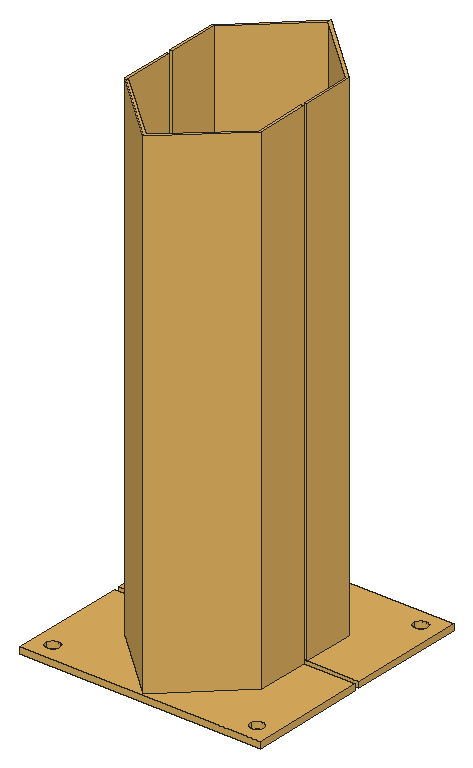
Revit family "Safety-Equipment_Formed-Metal-Guards_Omega-Industrial_Paired-Column-Protector", category Generic Models, Revit 2026
Family settings
  Can host rebar = No
  Round Connector Dimension = Use Diameter
  Part Type = Normal
  Classification Number = 23.30.80.17
  Work Plane-Based = Yes
  Always vertical = Yes
  Cut with Voids When Loaded = No
  Maintain Annotation Orientation = No
  Shared = No
  Room Calculation Point = No
Parameters (values of type "8in-10in x 42in")
  offset [instance] = 0' - 0"
  Warranty Duration (Years) = 0
  Unit Width = 1' - 8"
  Unit Height [instance] = 3' - 6"  # constant formula
  Unit Depth = 1' - 8"
  URL = "https://www.arcat.com/arcatcos/cos42/arc42113.html"
  Test Data = ""
  Specification = "https://www.arcat.com/sd/clients/omegaind.html?coid=42113"
  SpecWizard = ""
  Send Message = "https://www.omegaindl.com/lp-contact-us/"
  Sales Information = "https://www.omegaindl.com/lp-request-quote/"
  Revision = "R0_06-2018"
  Product Properties = "https://www.omegaindl.com/products/"
  Product Data = "https://www.arcat.com/arcatcos/cos42/arc42113.html"
  Column Protector Material = Omega_7 Ga. Steel
  Base Plate Material = Omega_1/2 in Steel
  Model = "OM4210"
  Manufacturer Website = "https://www.omegaindl.com/"
  Manufacturer Phone - Toll Free = "800-521-8272"
  Manufacturer Phone = "800-521-8272"
  Manufacturer Fax = "262-284-4199"
  Manufacturer Email = "inquiry@omegaindl.com"
  Manufacturer Address = "795 Progress Dr. P. O. Box 80303 Sawkville, WI 53080"
  Manufacturer = "Omega Industrial Products, Inc."
  Maintenance Schedule (Months) = 0
  Keynote = "41 67 19"
  Installation-Fabrication = ""
  Installation Phase = "Industrial Safety Equipment"
  Green Building-LEED = ""
  Expected Lifespan (Years) = 25
  Drawn By = "Sumex Design, Inc. / Robert S. Weygant, CSI, CDT, SCIP"
  Description = "Column Guard and Protector"
  Default Elevation = 4' - 0"
  Copyright = "2018 ARCAT, Inc."
  Construction Details = ""
  Company_ID = 42113
  Building Codes = ""
  Assembly Code = "E1090"
Types (2): name | Unit Width | Unit Depth | Model
  12in-14in x 42in | 1' - 10" | 2' - 0" | "OM4214"
  8in-10in x 42in | 1' - 8" | 1' - 8" | "OM4210"
Reference planes (in)
  plane 1 "Center (Front/Back)": y = 0
  plane 2: z = 0
  plane 3 "Center (Left/Right)": x = 0
  plane 4: x = 10
  plane 5: x = -10
  plane 6: y = 10
  plane 7: y = -10
  plane 8: z = 0.5
  plane 9: z = 42
  plane 10: y = 0.1919
  plane 11: y = -0.1919
  plane 12: y = 8.5
  plane 13: y = -8.5
  plane 14: x = -8.5
  plane 15: x = 8.5
  plane 16: x = -5.5
  plane 17: x = 5.5
  plane 18: y = 4.5
  plane 19: y = -4.5
  plane 20: y = 9.49462
  plane 21: y = -9.49462
Forms (in)
  Extrusion 1, solid, material "Omega_1/2 in Steel" <- "Base Plate Material"
    sketch origin (0, 0, 0) x (1, 0, 0) y (0, 1, 0)
      loop
        line (-10, 10) -> (-10, 0.1919) -> (-5.5, 0.1919) -> (-5.5, 4.5) -> (0, 9.49462) -> (5.5, 4.5) -> (5.5, 0.1919) -> (10, 0.1919) -> (10, 10) -> (-10, 10)
      loop
        line (10, -10) -> (10, -0.1919) -> (5.5, -0.1919) -> (5.5, -4.5) -> (0, -9.49462) -> (-5.5, -4.5) -> (-5.5, -0.1919) -> (-10, -0.1919) -> (-10, -10) -> (10, -10)
      loop
        circle (-8.5, 8.5) r 0.5625
      loop
        circle (8.5, 8.5) r 0.5625
      loop
        circle (8.5, -8.5) r 0.5625
      loop
        circle (-8.5, -8.5) r 0.5625
    from 0 to 0.5
  Extrusion 2, solid, material "Omega_7 Ga. Steel" <- "Column Protector Material"
    sketch origin (0, 0, 0) x (1, 0, 0) y (0, 1, 0)
      loop
        line (-5.5, 0.1919) -> (-5.5, 4.5) -> (0, 9.49462) -> (5.5, 4.5) -> (5.5, 0.1919) -> (5.6875, 0.1919) -> (5.6875, 4.56142) -> (0, 9.81154) -> (-5.6875, 4.56142) -> (-5.6875, 0.1919) -> (-5.5, 0.1919)
      loop
        line (-5.5, -4.5) -> (-5.5, -0.1919) -> (-5.6875, -0.1919) -> (-5.6875, -4.56142) -> (0, -9.81154) -> (5.6875, -4.56142) -> (5.6875, -0.1919) -> (5.5, -0.1919) -> (5.5, -4.5) -> (0, -9.49462) -> (-5.5, -4.5)
    from 0.5 to 42
Dimensions and locks (in)
  equal spacing: plane 5, plane 3 "Center (Left/Right)", plane 4
  "Unit Width": plane 5 to plane 4
  equal spacing: plane 7, plane 1 "Center (Front/Back)", plane 6
  "Unit Depth": plane 7 to plane 6
  locked: plane 8 to plane 2 at 0.5
  "Unit Height": plane 9 to level
  equal spacing: plane 10, plane 1 "Center (Front/Back)", plane 11
  locked: plane 6 to plane 12 at 1.5
  locked: plane 7 to plane 13 at 1.5
  locked: plane 5 to plane 14 at 1.5
  locked: plane 4 to plane 15 at 1.5
  locked: plane 14 to plane 16 at 3
  locked: plane 15 to plane 17 at 3
  locked: plane 6 to plane 20 at 0.50538
  locked: plane 7 to plane 21 at 0.50538
  locked: plane 12 to plane 18 at 4
  locked: plane 13 to plane 19 at 4
  aligned and locked: plane 5 to Extrusion 1 sketch curve
  aligned and locked: Extrusion 1 sketch curve to plane 4
  aligned and locked: Extrusion 1 sketch curve to plane 10
  aligned and locked: plane 11 to Extrusion 1 sketch curve
  aligned and locked: plane 14 to Extrusion 1 sketch curve  (x2)
  aligned and locked: plane 15 to Extrusion 1 sketch curve  (x2)
  aligned and locked: Extrusion 1 to plane 2
  aligned and locked: Extrusion 1 to plane 8
  aligned and locked: Extrusion 1 sketch curve to plane 16
  aligned and locked: plane 17 to Extrusion 1 sketch curve
  aligned and locked: plane 18 to Extrusion 1 sketch curve  (x2)
  aligned and locked: Extrusion 1 sketch curve to plane 6
  aligned and locked: plane 12 to Extrusion 1 sketch curve  (x2)
  aligned and locked: Extrusion 1 sketch curve to plane 7
  aligned and locked: plane 13 to Extrusion 1 sketch curve  (x2)
  aligned and locked: Extrusion 2 sketch curve to Extrusion 1  (x8)
  aligned and locked: Extrusion 2 sketch curve to plane 10
  aligned and locked: plane 11 to Extrusion 2 sketch curve
  aligned and locked: plane 8 to Extrusion 2
  aligned and locked: Extrusion 2 to plane 9
Automatic sketch dimensions
  Extrusion 1 sketch curve to plane 5 = 0' - 0"
  Extrusion 1 sketch curve to plane 16 = 0' - 0"
  Extrusion 1 sketch curve to plane 3 "Center (Left/Right)" = 0' - 0"  (x2)
  Extrusion 1 sketch curve to plane 17 = 0' - 0"
  Extrusion 1 sketch curve to plane 4 = 0' - 0"
  plane 21 to Extrusion 1 sketch curve = 0' - 0"
  plane 19 to Extrusion 1 sketch curve = 0' - 0"  (x2)
  plane 11 to Extrusion 1 sketch curve = 0' - 0"
  Extrusion 1 sketch curve to plane 10 = 0' - 0"
  Extrusion 1 sketch curve to plane 20 = 0' - 0"
  Extrusion 2 sketch curve to plane 3 "Center (Left/Right)" = 0' - 0"  (x2)
  plane 19 to Extrusion 2 sketch curve = 0' - 0.06142"  (x2)
  plane 18 to Extrusion 2 sketch curve = 0' - 0.06142"  (x2)
  Extrusion 2 sketch curve to plane 16 = 0' - 0 3/16"
  Extrusion 2 sketch curve to plane 7 = 0' - 0.18846"
  plane 6 to Extrusion 2 sketch curve = 0' - 0.18846"
  Extrusion 2 sketch curve to plane 17 = 0' - 0 3/16"
  Extrusion 2 sketch curve to Extrusion 2 sketch curve = 0' - 0"  (x2)
  Extrusion 2 sketch curve to plane 10 = 0' - 0"
  plane 11 to Extrusion 2 sketch curve = 0' - 0"
  radius of Extrusion 1 sketch curve = 0' - 0 9/16"  (x4)
